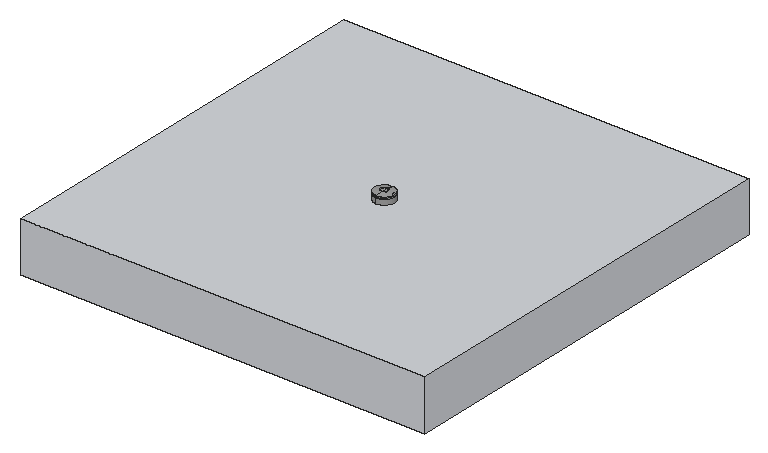
Revit family "2CKA006800A2717", category Elektroinstallationen, Revit 2017
Family settings
  Basisbauteil = Fläche
  Beschriftungsausrichtung beibehalten = Nein
  Bemaßung runder Anschluss = Durchmesser verwenden
  Teiletyp = Normal
  Beim Laden mit Abzugskörper schneiden = Nein
  Gemeinsam genutzt = Nein
  Raumberechnungspunkt = Nein
Parameters
  Default Elevation = 1219.2 mm
  VdS anerkannt = yes
  URL = "https://www.busch-jaeger.de/"
  Typname = "Busch-Rauchalarm ProfessionalLINE, studioweiß, Sicherheitstechnik, Busch-Rauchalarm ProfessionalLINE"
  TYPE = "6833-84"
  Standalone = yes
  Spannungsart der Versorgungsspannung = "DC"
  RAL-Nummer (ähnlich) = 9016
  Produktseite = "https://media.live.bim.site/t/eyJhbGciOiJIUzI1NiIsInR5cCI6IkpXVCJ9.eyJjdCI6MiwidHUiOiJodHRwOi8vYnVzY2gtamFlZ2VyLWthdGFsb2cuZGUvNjgwMC0wLTI3MTcsYXJ0aWtlbC5odG1sIiwiY2lkIjoiZmVkOThlOWEtMWJkOC00YzY4LWE3M2ItNzRhOTRlMzE1ODIzIiwicmlkIjoiYTRkZjhiNDE4MDY4MGUzNjg4YzRlZDEzZjhjNWIyYjYiLCJwaWQiOiJhMjdmZWRhYjkyM2QxMmRiNTUxMDIyMzVmYzkxODczZWU0MzA3N2Q1Iiwic2lkIjoiNjM3MzIiLCJ1dCI6MSwibGMiOiJkZSIsImlhdCI6MTU4MjE5NTc3MSwiaXNzIjoiaHR0cHM6Ly9hcGkubGl2ZS5iaW0uc2l0ZSIsInN1YiI6ImY1ODZjNGI2LWE1MDgtNDI3YS05ODE4LTEzMTc5NjY1NzZiYyJ9.M4Wrka0umsWAc1b4Pyw_UyqLelDhPzeZVdPgOCGHFno"
  Primärstromversorgung = "Batterie/Akku"
  Mit Sockel = yes
  Lautstärke [dB(A)] = 85
  Ist Zubehör = no
  Ist System = no
  Höhe [mm] = 47.5
  Hersteller = "Busch-Jaeger"
  HeinzeBIM = "https://www.heinze.de/bim/busch-rauchalarm-professionalline-studioweiss-sicherheitstechnik-busch-rauchalarm-professionalline/a27fedab923d12db55102235fc91873ee43077d5"
  HAN = "2CKA006800A2717"
  Gewicht [kg/m] = 0.26
  Gerätetiefe [mm] = 120.5
  Gerätehöhe [mm] = 47.5
  Gerätebreite [mm] = 120.5
  GTIN = "4011395186930"
  Farbe = "weiß"
  Durchmesser [m] = 0.12
  Beschreibung = "Busch-Rauchalarm ProfessionalLINE, studioweiß, Sicherheitstechnik, Busch-Rauchalarm ProfessionalLINE, Busch-Rauchalarm ProfessionalLINE Zur Früherkennung von Schwelbränden und offenen Bränden mit Rauchentwicklung im Innenbereich nach foto-optischem Messprinzip (Tyndall). Fest eingebaute Lithiumbatterie mit einer Lebensdauer von min. 10 Jahren. Mit Testknopf und Stummschaltung. Geprüft nach DIN EN 14604. Akustischer Alarm mit 85 dBA auf 3 m. Demontagesicherung. Nicht vernetzbar. Durchmesser: 120 mm. Höhe: 47,50 mm."
  BIMSITE_PRODUCT_ID = "a27fedab923d12db55102235fc91873ee43077d5"
  BIM = "https://media.live.bim.site/t/eyJhbGciOiJIUzI1NiIsInR5cCI6IkpXVCJ9.eyJjdCI6MSwidGYiOiJwdWJsaWMvYnVzY2gtamFlZ2VyL2VhZjFmM2IvMkNLQTAwNjgwMEEyNzE3LnJmYSIsImNpZCI6ImZlZDk4ZTlhLTFiZDgtNGM2OC1hNzNiLTc0YTk0ZTMxNTgyMyIsInJpZCI6ImE0ZGY4YjQxODA2ODBlMzY4OGM0ZWQxM2Y4YzViMmI2IiwicGlkIjoiYTI3ZmVkYWI5MjNkMTJkYjU1MTAyMjM1ZmM5MTg3M2VlNDMwNzdkNSIsInNpZCI6IjYzNzMyIiwidXQiOjUsImxjIjoiZGUiLCJpYXQiOjE1ODIxOTU3NzEsImlzcyI6Imh0dHBzOi8vYXBpLmxpdmUuYmltLnNpdGUiLCJzdWIiOiJmNTg2YzRiNi1hNTA4LTQyN2EtOTgxOC0xMzE3OTY2NTc2YmMifQ.TbUlu-e0FP-iSkR_5j-3GoLydPYOHEDXVhqjpIfV0nw/2CKA006800A2717.rfa"
  Art des Test-/Pauseknopfes = "Kombination"
Reference planes
  plane 1 "Center (Front/Back)": y = 0
  plane 2: z = 0
  plane 3 "Center (Left/Right)": x = 0
Forms (mm)
  Extrusion 1, solid
    sketch origin (0, 0, 0) x (1, 0, 0) y (0, 1, 0)
      loop
        line (-1219.2, 1219.2) -> (-1219.2, -1219.2) -> (1219.2, -1219.2) -> (1219.2, 1219.2) -> (-1219.2, 1219.2)
    from 0 to -304.8
  Revolve 2, solid, material "White", detail levels fine
    sketch origin (0, 0, 0) x (0, 1, 0) y (0, 0, 1)
      loop
        line (-20, 47.5) -> (-20, 46.5) -> (-21, 46.5) -> (-21, 47.5)
        arc (-21, 47.5) -> (-40.847, 44.561) -> (-60.3, 39.653) r 200.369
        line (-60.3, 39.653) -> (-60.3, 36.653) -> (-47.467, 36.653) -> (-47.467, 33.653) -> (-60.3, 33.653) -> (-60.3, 32.653) -> (-47.467, 32.653) -> (-47.467, 29.653) -> (-60.3, 29.653) -> (-60.3, 0) -> (0, 0) -> (0, 47.5) -> (-20, 47.5)
      axis (0, 47.5) -> (0, 0)
    angle from 0 to 360
  Extrusion 3, solid, material "White", detail levels coarse+medium
    sketch origin (0, 0, 0) x (1, 0, 0) y (0, 1, 0)
      loop
        circle (0, 0) r 60.3
    from 0 to 47.5
Lines and regions (mm)
  model lines, detail levels medium
    curve 1: arc (0, 20, 47.5) -> (20, 0, 47.5) -> (0, -20, 47.5) r 20
    curve 2: arc (0, -21, 47.5) -> (21, 0, 47.5) -> (0, 21, 47.5) r 21
    curve 3: arc (0, -21, 47.5) -> (-21, 0, 47.5) -> (0, 21, 47.5) r 21
    curve 4: arc (0, -20, 47.5) -> (-20, 0, 47.5) -> (0, 20, 47.5) r 20
  reference lines
    curve 5: line (0, 60.3, 0) -> (0, -60.3, 0)
Dimensions and locks
  aligned and locked: plane 2 to Extrusion 1
  aligned and locked: level to Extrusion 1
Connectors
  electrical at (0, 0, 0)
    settings: on Revolve 2, index 1, voltage 230 V, apparent load 0 VA, apparent load phase1 0 VA, apparent load phase2 0 VA, apparent load phase3 0 VA, power factor 1, load classification "Other", number of poles 1, system type 31, power factor state 1, is connector primary yes, connector utility no, sub classification motor no, connector description ""
